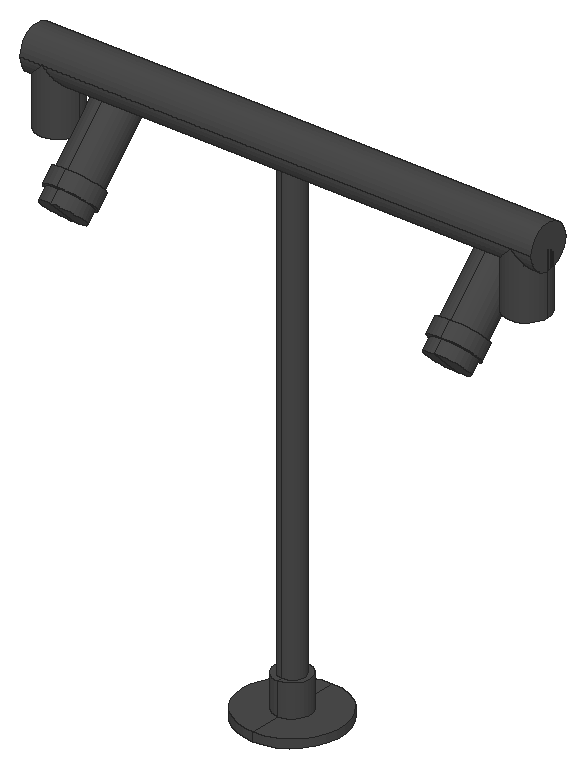
Revit family "Lighting-Accent-Amerlux-2WMACCS", category Lighting Fixtures, host Face, Revit 2017
Family settings
  Host = Face
  Round Connector Dimension = Use Diameter
  Part Type = Normal
  Cut with Voids When Loaded = No
  Light Source = Yes
  Shared = No
  Room Calculation Point = No
Parameters
  Voltage = 0 V
  Tilt Angle = 45.00°
  Power Factor = 1
  Photometric Web File = "generic"
  Number of Poles = 1
  built-in parameter 1150142 = (empty or 0)
  Material = Black Finish
  Lamp = "LED"
  Input Wattage = ""
  Wattage = 26 W
  built-in parameter 1150110 = 1 (stored number, unit not read)
  URL = "http://www.amerlux.com"
  built-in parameter 1114217 = 1 (stored number, unit not read)
  built-in parameter 1150109 = 1 (stored number, unit not read)
  built-in parameter 1150134 = 12
  built-in parameter 1150113 = 1 (stored number, unit not read)
  Model = "2WMACCS"
  Manufacturer = "Amerlux"
  built-in parameter 1150105 = 206.9 (stored number, unit not read)
  Lumens = 2600 lm
  built-in parameter 1150115 = 1 (stored number, unit not read)
  built-in parameter 1150137 = (empty or 0)
  built-in parameter 1150139 = (empty or 0)
  built-in parameter 1150112 = 1 (stored number, unit not read)
  built-in parameter 1150114 = 1 (stored number, unit not read)
  Keynote = ""
  built-in parameter 1150132 = (empty or 0)
  built-in parameter 1150102 = (empty or 0)
  built-in parameter 1150107 = 4000 (stored number, unit not read)
  built-in parameter 1150138 = (empty or 0)
  built-in parameter 1150106 = 2.069 (stored number, unit not read)
  Finish = ""
  Emit from Circle Diameter = 2"
  Emit Shape Visible in Rendering = yes
  built-in parameter 1150104 = 9.2903 (stored number, unit not read)
  Dimming Lamp Color Temperature Shift = (empty or 0)
  Description = "Small Wall Mount Accent"
  Default Elevation = 48"
  Cross Bar Length = 24"
  Color Filter = 16777215
  built-in parameter 1114218 = 1 (stored number, unit not read)
  built-in parameter 1150133 = 10 (stored number, unit not read)
  Assembly Code = ""
  Arm Length [instance] = 24"
  Apparent Load = 0 VA
Reference planes (in)
  plane 1 "Center (Front/Back)": y = 1.97868
  plane 2: z = 0
  plane 3 "Center (Left/Right)": x = -0.52541
  plane 4: z = 24
  plane 5: x = -12.52541
  plane 6: x = 11.47459
  plane 7: through (0, 4.03843, 23.25411) normal (0, -0.7071, 0.7071)
  plane 8: x = -9.54052
Forms (in)
  Revolve 1, solid, material "Black Finish" <- "Material"
    sketch origin (-0.52541, 0, 0) x (0, -1, 0) y (0, 0, 1)
      loop
        line (-2.8152, 0.3939) -> (-4.3152, 0.3939) -> (-4.3152, 0) -> (-1.97868, 0) -> (-1.97868, 24) -> (-2.5652, 24) -> (-2.5652, 1.8939) -> (-2.8152, 1.8939) -> (-2.8152, 0.3939)
      axis (-1.97868, 0) -> (-1.97868, 24)
    angle from 0 to 360
  Extrusion 2, solid, material "Black Finish" <- "Material"
    sketch origin (-0.52541, 0.03125, 0) x (0, -1, 0) y (0, 0, 1)
      loop
        circle (-1.97868, 24) r 1
    from -12 to 12
  Extrusion 3, solid, material "Black Finish" <- "Material"
    sketch origin (0, 0, 0) x (1, 0, 0) y (0, 1, 0)
      loop
        circle (-11.52541, 2.00993) r 1
    from 21 to 24
  Extrusion 4, solid, material "Black Finish" <- "Material"
    sketch origin (-3.17581, 0, 0) x (-1, 0, 0) y (0, -1, 0)
      loop
        circle (-13.65041, -2.00993) r 1
    from 21 to 24
  Revolve 5, solid, material "Black Finish" <- "Material"
    sketch origin (8.48971, -11.17655, 37.75523) x (0, -0.707107, -0.707107) y (0, -0.707107, 0.707107)
      loop
        line (-0.50478, -22.01245) -> (5.49522, -22.01245) -> (5.49522, -21.01245) -> (-0.50478, -21.01245) -> (-0.50478, -22.01245)
      axis (-0.50478, -21.01245) -> (5.49522, -21.01245)
    angle from 0 to 360
  Revolve 6, solid, material "Black Finish" <- "Material"
    sketch origin (8.48971, -11.17655, 37.75523) x (0, -0.707107, -0.707107) y (0, -0.707107, 0.707107)
      loop
        line (4.1298, -22.13389) -> (4.8798, -22.13389) -> (4.8798, -21.99013) -> (4.1298, -21.99013) -> (4.1298, -22.13389)
      axis (4.1298, -20.99013) -> (4.8798, -20.99013)
    angle from 0 to 360
  Revolve 7, solid, material "Black Finish" <- "Material"
    sketch origin (-9.54052, -11.17655, 37.75523) x (0, -0.707107, -0.707107) y (0, 0.707107, -0.707107)
      loop
        line (-0.50478, 22.01245) -> (-0.50478, 21.01245) -> (5.49522, 21.01245) -> (5.49522, 22.01245) -> (-0.50478, 22.01245)
      axis (-0.50478, 21.01245) -> (5.49522, 21.01245)
    angle from 0 to 360
  Revolve 8, solid, material "Black Finish" <- "Material"
    sketch origin (-9.54052, -11.17655, 37.75523) x (0, -0.707107, -0.707107) y (0, 0.707107, -0.707107)
      loop
        line (4.1298, 22.13389) -> (4.1298, 21.99013) -> (4.8798, 21.99013) -> (4.8798, 22.13389) -> (4.1298, 22.13389)
      axis (4.1298, 20.99013) -> (4.8798, 20.99013)
    angle from 0 to 360
Dimensions and locks (in)
  Revolve 1 sketch curve to Revolve 1 sketch curve to Revolve 1 sketch curve = 0.3939" locked, 1 1/2" locked
  "Arm Length": level to Revolve 1 sketch curve
  equal spacing: plane 5, plane 3 "Center (Left/Right)", plane 6
  "Cross Bar Length": plane 5 to plane 6
  "Arm Length": plane 4 to level
  locked: Extrusion 3 to Extrusion 3 at 3
  locked: Extrusion 4 to Extrusion 4 at 3
  locked: Revolve 5 to plane 6 at 2.98489  (x3)
  locked: Revolve 6 to plane 6 at 2.98489  (x3)
  locked: plane 5 to Revolve 7 at 2.98489  (x4)
  locked: plane 5 to Revolve 8 at 2.98489  (x4)
  aligned and locked: plane 2 to host face
  aligned: plane 1 "Center (Front/Back)" to imposter light
  aligned and locked: Revolve 1 sketch curve to level
  aligned and locked: plane 6 to Extrusion 2
  aligned and locked: Extrusion 2 to plane 5
  aligned and locked: plane 4 to Extrusion 3
  aligned and locked: plane 4 to Extrusion 4
  aligned and locked: imposter light to Revolve 7
  aligned and locked: imposter light to plane 7
  aligned and locked: imposter light to plane 8
Automatic sketch dimensions
  host sketch curve to host sketch curve = 25.56972"
  host sketch curve to host sketch curve = 17.28004"
  Extrusion 2 sketch curve to plane 4 = 0"
  plane 1 "Center (Front/Back)" to Extrusion 2 sketch curve = 1/32"
  plane 1 "Center (Front/Back)" to Extrusion 3 sketch curve = 1/32"
  plane 5 to Extrusion 3 sketch curve = 1"
  Extrusion 4 sketch curve to plane 1 "Center (Front/Back)" = 1/32"
  plane 6 to Extrusion 4 sketch curve = 1"
  Revolve 5 sketch curve to plane 4 = 1.453"
  plane 1 "Center (Front/Back)" to Revolve 5 sketch curve = 2.76686"
  Revolve 5 sketch curve to Revolve 5 sketch curve = 6"
  Revolve 5 sketch curve to Revolve 5 sketch curve = 1"
  Revolve 5 sketch curve to Revolve 5 sketch curve = 0"  (x2)
  Revolve 5 sketch curve to Revolve 5 sketch curve = 2"
  Revolve 6 sketch curve to plane 1 "Center (Front/Back)" = 0.42442"
  Revolve 6 sketch curve to plane 4 = 4.81601"
  Revolve 6 sketch curve to Revolve 6 sketch curve = 3/4"
  Revolve 6 sketch curve to Revolve 6 sketch curve = 0.14375"
  Revolve 6 sketch curve to Revolve 6 sketch curve = 0"
  Revolve 6 sketch curve to Revolve 6 sketch curve = 1.61994"
  Revolve 6 sketch curve to Revolve 6 sketch curve = 1"
  Revolve 7 sketch curve to plane 4 = 1.453"
  plane 1 "Center (Front/Back)" to Revolve 7 sketch curve = 2.76686"
  Revolve 7 sketch curve to Revolve 7 sketch curve = 6"
  Revolve 7 sketch curve to Revolve 7 sketch curve = 1"
  Revolve 7 sketch curve to Revolve 7 sketch curve = 0"  (x2)
  Revolve 7 sketch curve to Revolve 7 sketch curve = 2"
  Revolve 8 sketch curve to plane 1 "Center (Front/Back)" = 0.42442"
  Revolve 8 sketch curve to plane 4 = 4.81601"
  Revolve 8 sketch curve to Revolve 8 sketch curve = 3/4"
  Revolve 8 sketch curve to Revolve 8 sketch curve = 0.14375"
  Revolve 8 sketch curve to Revolve 8 sketch curve = 0"
  Revolve 8 sketch curve to Revolve 8 sketch curve = 1.61994"
  Revolve 8 sketch curve to Revolve 8 sketch curve = 1"
  Revolve 1 sketch curve to plane 1 "Center (Front/Back)" = 0"  (x2)
  plane 1 "Center (Front/Back)" to Revolve 1 sketch curve = 0.58652"
  Revolve 1 sketch curve to Revolve 1 sketch curve = 1/4"
  Revolve 1 sketch curve to Revolve 1 sketch curve = 1 1/2"
  Revolve 1 sketch curve to level = 9.09368"
  Revolve 1 sketch curve to Revolve 1 sketch curve = 21.59516"
  radius of Extrusion 2 sketch curve = 1"
  radius of Extrusion 3 sketch curve = 1"
  radius of Extrusion 4 sketch curve = 1"
Nested families (in)
  nested 1: "Family1" at (8.48971, -0.06325, -35.24469), type "Family1"
Connectors (in)
  electrical at (-0.52541, 1.97868, 0), driven by "Number of Poles", driven by "Voltage", driven by "Apparent Load", driven by "Power Factor"
    settings: on Revolve 1, index 1, voltage 0 V, apparent load 0 VA, apparent load phase1 0 VA, apparent load phase2 0 VA, apparent load phase3 0 VA, power factor 1, load classification "Other", number of poles 1, system type 31, power factor state 1, is connector primary yes, connector utility no, sub classification motor no, connector description ""
Definition of nested family "Family1"
  Parameters (values of type "Family1")
    Wattage = 12.1178 W
    built-in parameter 1150110 = 1 (stored number, unit not read)
    built-in parameter 1114217 = 1 (stored number, unit not read)
    Tilt Angle = 45.00°
    built-in parameter 1150109 = 1 (stored number, unit not read)
    built-in parameter 1150134 = (empty or 0)
    built-in parameter 1150113 = 1 (stored number, unit not read)
    Photometric Web File = "Load File"
    built-in parameter 1150142 = (empty or 0)
    Lumens = 1800 lm
    built-in parameter 1150115 = 1 (stored number, unit not read)
    built-in parameter 1150105 = 143.24 (stored number, unit not read)
    built-in parameter 1150137 = (empty or 0)
    built-in parameter 1150139 = (empty or 0)
    built-in parameter 1150112 = 1 (stored number, unit not read)
    built-in parameter 1150114 = 1 (stored number, unit not read)
    built-in parameter 1150132 = 2
    built-in parameter 1150102 = (empty or 0)
    built-in parameter 1150138 = (empty or 0)
    built-in parameter 1150107 = 3000 (stored number, unit not read)
    built-in parameter 1150106 = 1.4324 (stored number, unit not read)
    Emit from Circle Diameter = 2"
    Emit Shape Visible in Rendering = no
    built-in parameter 1150104 = 13.8 (stored number, unit not read)
    Dimming Lamp Color Temperature Shift = (empty or 0)
    Color Filter = 16777215
    built-in parameter 1114218 = 1 (stored number, unit not read)
    built-in parameter 1150133 = 10 (stored number, unit not read)
  Reference planes (in)
    plane 1 "Light Source Axis (F/B)": y = 0
    plane 2: z = 0
    plane 3 "Light Source Axis (L/R)": x = 0
    plane 4 "Light Source Elevation": z = 54
  Dimensions and locks (in)
    aligned and locked: plane 3 "Light Source Axis (L/R)" to imposter light
    aligned and locked: plane 1 "Light Source Axis (F/B)" to imposter light
    aligned and locked: plane 4 "Light Source Elevation" to imposter light
    aligned and locked: level to plane 2
